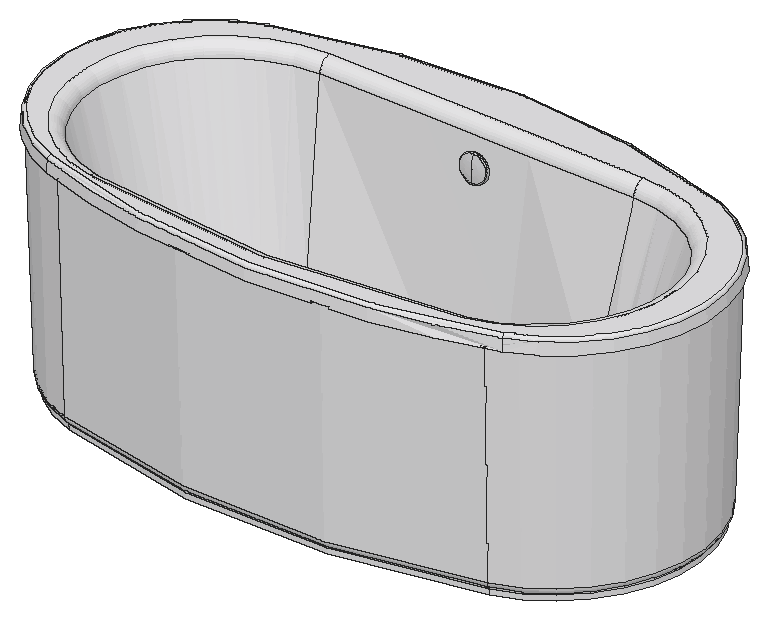
Revit family "Bath-Freestanding-VibrAcoustic-KOHLER-Sunstruck-K-1966", category Plumbing Fixtures, host Face, Revit 2015
Parameters (values of type "0-White")
  Width = 35 1/2"  # constant formula
  Waste Water Outlet = "Waste Water Outlet"  # constant formula
  Waste Connection = 1 = 1  # yes
  Voltage = 120 V  # constant formula
  Vent Connection = 1 = 0  # no
  URL = "https://www.us.kohler.com/us/"
  Type = 1
  Pump Electrical Connector = "Pump Electrical Connector"  # constant formula
  Product Page URL = "http://www.us.kohler.com/us/catalog/productDetails.jsp?productNumber=1966-VB"
  Product Name = "Sunstruck"  # constant formula
  Product Documentation Link = "http://www.us.kohler.com/onlinecatalog/pdf/K-1966-VB_spec.pdf"
  Model = if(Type = 1, "K-1966-VB-0", if(Type = 2, "K-1966-VB-96", "NA"))  # "K-1966-VB-0"
  Material = "Acrylic"  # constant formula
  MasterFormat 2004 = "22.41.19"  # constant formula
  MasterFormat 1995 = "15410"  # constant formula
  Manufacturer Address = "444 Highland Dr, Kohler, WI 53044"  # constant formula
  Manufacturer = "KOHLER Co."  # constant formula
  Length = 65 1/2"  # constant formula
  Hot Water Inlet = "Hot Water Inlet"  # constant formula
  Height = 24 1/2"  # constant formula
  Heater Electrical Connector = "Heater Electrical Connector"  # constant formula
  HW Connection = 1 = 0  # no
  Finish = Kohler-Acrylic-0-White
  Environmental Product Declaration = ""
  Electrical Note = "One dedicated circuit required, protected with Class A Ground-Fault Circuit-Interrupter (GFCI) or Residual Current Device (RCD)"  # constant formula
  Electrical Connector = 1 = 1  # yes
  Drain Included = 1 = 0  # no
  Description = "66inch x 36inch oval freestanding VibrAcoustic bath with straight shroud"  # constant formula
  Default Elevation = 0"
  Declare Label = ""
  Date Modified = "11/15/2018"  # constant formula
  Date Created = "11/15/2018"  # constant formula
  Copyright = "Copyright KOHLER Co."  # constant formula
  Contact Us = "https://www.us.kohler.com/us/static/contact.jsp"
  Cold Water Inlet = "Cold Water Inlet"  # constant formula
  CW Connection = 1 = 0  # no
  Blower Electrical Connector = "Blower Electrical Connector"  # constant formula
  Assembly Code = "D2010500"
  Apparent Load = 1800 VA  # constant formula
  Amplifier Electrical Connector = "Amplifier Electrical Connector"  # constant formula
  ADA Compliant = 1 = 0  # no
Types (3): name | Type | Model | Finish
  (no name) | 1 | "K-1966-VB-0" | Kohler-Acrylic-0-White
  0-White | 1 | "K-1966-VB-0" | Kohler-Acrylic-0-White
  96-Biscuit | 2 | "K-1966-VB-96" | Kohler-Acrylic-96-Biscuit
Reference planes (in)
  plane 1 "Center (Front/Back)": y = 0
  plane 2: z = 0
  plane 3 "Center (Left/Right)": x = 0
  plane 4: y = 17.75
  plane 5: y = -17.75
  plane 6: x = -32.75
  plane 7: x = 32.75
  plane 8: y = 11.6875
  plane 9: y = -1.6875
  plane 10: z = 24.5
Dimensions and locks (in)
  "Length": plane 6 to plane 7
  "Width": plane 5 to plane 4
  plane 8 to plane 4 = 6 1/16"
  plane 9 to plane 4 = 19 7/16"
  "Height": plane 10 to plane 2
  aligned and locked: plane 2 to host face
  aligned and locked: level to host face
Automatic sketch dimensions
  host sketch curve to host sketch curve = 96"  (x2)
Nested families (in)
  nested 1: "K-1966-VB" at (0, 0, 0), type "K-1966-VB"
Connectors (in)
  piping at (0, -1.6875, 2.16901), diameter 1.5, driven by "Waste Connection", driven by "Waste Water Outlet"
    settings: on nested 1, index 1, connector inside diameter 24", connector length 0", flow factor 0, pipe flow 0 GPM, pressure drop 0.00 psi, fitting loss kfactor 0, connector angle 0.00°, fixture units 0, engagement length 0", angle of deflection 0.00°, flow configuration 0, flow direction 2, fitting loss method 0, system type 16, joint type 0, gender type 0, connector reference index -1, connector utility 1, adjustable connector no, is connector primary yes, connector description "Waste Water Outlet"
  electrical at (-6.48092, 15.841, 3.14819), driven by "Voltage", driven by "Apparent Load", driven by "Electrical Connector", driven by "Amplifier Electrical Connector"
    settings: on nested 1, index 2, voltage 120 V, apparent load 1800 VA, apparent load phase1 0 VA, apparent load phase2 0 VA, apparent load phase3 0 VA, power factor 1, load classification "Power", number of poles 1, system type 30, power factor state 1, is connector primary yes, connector utility yes, sub classification motor no, connector description "Amplifier Electrical Connector"
Definition of nested family "K-1966-VB"
  Parameters (values of type "K-1966-VB")
    Material = none
    Drain material = none
  Reference planes (in)
    plane 1 "Center (Front/Back)": y = 0
    plane 2: z = 0
    plane 3 "Center (Left/Right)": x = 0
    plane 4: x = 32.75
    plane 5: z = 24.5
    plane 6: z = 24.5
    plane 7 "A": x = -6.48092
    plane 8: z = 24.5
    plane 9: x = -32.75
    plane 10: y = 17.75
    plane 11: y = -17.75
    plane 12: y = 11.6875
    plane 13: y = -1.6875
  Forms (in)
    Sweep 1, solid, material <- "Material", detail levels medium+fine
      path origin (0, -0.04277, 0) x (1, 0, 0) y (0, 1, 0)
        loop
          arc (21.72661, -14.69696) -> (32.60257, 0.04277) -> (21.72661, 14.78251) r 15.42605
          arc (21.72661, 14.78251) -> (-0.02801, 18.06389) -> (-21.78263, 14.78251) r 73.75415
          arc (-21.78263, 14.78251) -> (-32.6586, 0.04277) -> (-21.78263, -14.69696) r 15.42605
          arc (-21.78263, -14.69696) -> (-0.02801, -17.97834) -> (21.72661, -14.69696) r 73.75415
      profile origin (-0.02801, -18.02111, 0) x (0, -1, 0) y (0, 0, 1)
        loop
          line (-0.4345, 23.13802) -> (-1.20737, 23.13802) -> (-1.59517, 17.59228)
          arc (-1.59517, 17.59228) -> (-1.91029, 11.57945) -> (-2.01537, 5.55929) r 172.5
          line (-2.01537, 5.55929) -> (-2.01537, 0) -> (-1.54796, 0) -> (-1.52866, 0.55268)
          arc (-1.52866, 0.55268) -> (-1.50012, 0.65852) -> (-1.4278, 0.74089) r 0.24194
          arc (-1.4278, 0.74089) -> (-1.20847, 0.99117) -> (-1.12264, 1.31269) r 0.73186
          line (-1.12264, 1.31269) -> (-0.4345, 23.13802)
    Sweep 2, solid, material <- "Material", detail levels medium+fine
      path origin (0, -0.31152, 0) x (1, 0, 0) y (0, 1, 0)
        loop
          arc (-23.11404, -13.59407) -> (0, -17.43849) -> (23.11404, -13.59407) r 71.40724
          arc (23.11404, -13.59407) -> (32.75, 0.31152) -> (23.11404, 14.21712) r 14.85153
          arc (23.11404, 14.21712) -> (0, 18.06154) -> (-23.11404, 14.21712) r 71.40724
          arc (-23.11404, 14.21712) -> (-32.75, 0.31152) -> (-23.11404, -13.59407) r 14.85153
      profile origin (0, -17.75002, 0) x (0, 1, 0) y (0, 0, 1)
        loop
          line (0.00002, 23.01054) -> (0.11383, 23.01054) -> (0.2108, 24.11893)
          arc (0.2108, 24.11893) -> (0.29095, 24.28146) -> (0.45985, 24.34714) r 0.25
          line (0.45985, 24.34714) -> (0.61532, 24.34714) -> (0.61532, 24.5) -> (0.45098, 24.5)
          arc (0.45098, 24.5) -> (0.21457, 24.40807) -> (0.10238, 24.18057) r 0.34993
          line (0.10238, 24.18057) -> (0.00002, 23.01054)
    Sweep 3, solid, material <- "Material", detail levels medium+fine
      path origin (-0.65125, 0.37045, 0) x (1, 0, 0) y (0, 1, 0)
        loop
          arc (-13.80583, -12.20259) -> (0.30466, -13.64071) -> (14.40809, -12.13485) r 68.33389
          arc (14.40809, -12.13485) -> (22.61849, -2.05633) -> (14.545, 8.13219) r 10.37734
          arc (14.545, 8.13219) -> (0.24308, 9.71884) -> (-14.04948, 8.05002) r 63.60432
          arc (-14.04948, 8.05002) -> (-22.05987, -2.17412) -> (-13.80583, -12.20259) r 10.37154
      profile origin (-0.34659, -13.27026, 0) x (-0.002401, 0.999997, 0) y (0, 0, 1)
        loop
          line (-0.24, 6.51001) -> (-0.57074, 6.51001)
          arc (-0.57074, 6.51001) -> (0.5314, 4.46811) -> (2.71442, 3.68166) r 3.25
          line (2.71442, 3.68166) -> (3.01867, 3.68166) -> (3.01867, 4.03096) -> (2.71442, 4.03096)
          arc (2.71442, 4.03096) -> (0.78606, 4.73282) -> (-0.24, 6.51001) r 3
    Revolve 4, solid, material <- "Drain material", detail levels medium+fine
      sketch origin (0, -1.53027, -0.00106) x (0, 1, 0) y (0, 0, 1)
        loop
          line (13.43649, 20.42625) -> (12.55971, 20.48756)
          arc (12.55971, 20.48756) -> (12.54804, 19.82068) -> (12.6107, 19.15665) r 5.98011
          arc (12.6107, 19.15665) -> (12.6367, 19.1057) -> (12.68808, 19.08057) r 0.09037
          line (12.68808, 19.08057) -> (13.2483, 19.00565) -> (13.25711, 19.11625)
          arc (13.25711, 19.11625) -> (13.26951, 19.14061) -> (13.2958, 19.14811) r 0.03422
          line (13.2958, 19.14811) -> (13.34664, 19.14131) -> (13.43649, 20.42625)
        axis (12.55971, 20.48756) -> (13.43649, 20.42625)
      angle from 0 to 360
    Revolve 5, solid, material <- "Material", detail levels medium+fine
      sketch origin (0, 0, 0.0625) x (0, 1, 0) y (0, 0, 1)
        loop
          line (-1.6875, 3.61916) -> (-1.6875, 2.10651) -> (-0.9375, 2.10651) -> (-0.9375, 1.93586) -> (-0.74206, 1.93586) -> (-0.74206, 3.18586) -> (-0.38189, 3.18586)
          arc (-0.38189, 3.18586) -> (-0.21323, 3.2194) -> (-0.07025, 3.31494) r 0.44072
          line (-0.07025, 3.31494) -> (0.15621, 3.5414)
          arc (0.15621, 3.5414) -> (0.24033, 3.59812) -> (0.33958, 3.61916) r 0.2656
          line (0.33958, 3.61916) -> (-1.6875, 3.61916)
        axis (-1.6875, 3.61916) -> (-1.6875, 1.93586)
      angle from 0 to 360
    Sweep 6, solid, material <- "Material", detail levels medium+fine
      path origin (0, 0, 0) x (1, 0, 0) y (0, 1, 0)
        loop
          arc (-15.91994, 11.6875) -> (-28.29768, 0.47984) -> (-18.37017, -12.94642) r 12.43882
          arc (-18.37017, -12.94642) -> (0.12996, -14.68833) -> (18.58936, -12.55759) r 89.15619
          arc (18.58936, -12.55759) -> (28.11574, 0.76078) -> (15.91994, 11.6875) r 12.2695
          line (15.91994, 11.6875) -> (-15.91994, 11.6875)
      profile origin (0, 11.6875, 0) x (0, 1, 0) y (0, 0, 1)
        loop
          line (0.003, 23.24357) -> (0.33352, 23.24357)
          arc (0.33352, 23.24357) -> (0.68246, 24.02627) -> (1.47708, 24.34717) r 1.14428
          line (1.47708, 24.34717) -> (1.56336, 24.34717) -> (1.56336, 24.5) -> (1.27278, 24.5)
          arc (1.27278, 24.5) -> (0.37961, 24.1328) -> (0.003, 23.24357) r 1.26985
    Revolve 7, solid, material <- "Drain material", detail levels medium+fine
      sketch origin (0, 0, 0) x (0, 1, 0) y (0, 0, 1)
        loop
          line (-1.6875, 4.26235) -> (-1.6875, 3.6439) -> (-0.32353, 3.6439) -> (0.12658, 4.04918)
          arc (0.12658, 4.04918) -> (0.13712, 4.09307) -> (0.09992, 4.11864) r 0.03984
          line (0.09992, 4.11864) -> (-0.12079, 4.11864)
          arc (-0.12079, 4.11864) -> (-0.18453, 4.10596) -> (-0.23856, 4.06985) r 0.16655
          line (-0.23856, 4.06985) -> (-0.33993, 3.96848)
          arc (-0.33993, 3.96848) -> (-0.39533, 3.93146) -> (-0.46069, 3.91846) r 0.17077
          line (-0.46069, 3.91846) -> (-1.13844, 3.91846) -> (-1.13844, 4.0675) -> (-0.34006, 4.0675)
          arc (-0.34006, 4.0675) -> (-0.31733, 4.07691) -> (-0.30792, 4.09963) r 0.03214
          line (-0.30792, 4.09963) -> (-0.30792, 4.14469)
          arc (-0.30792, 4.14469) -> (-0.31537, 4.16436) -> (-0.33397, 4.17416) r 0.02969
          arc (-0.33397, 4.17416) -> (-1.00946, 4.23785) -> (-1.6875, 4.26235) r 11.72048
        axis (-1.6875, 4.26235) -> (-1.6875, 3.6439)
      angle from 0 to 360
    Extrusion 8, solid, material <- "Material", detail levels medium+fine
      sketch origin (0, 0, 0) x (1, 0, 0) y (0, 1, 0)
        loop
          arc (-22.9063, 13.32634) -> (-32.13468, 0) -> (-22.9063, -13.32634) r 14.23621
          arc (-22.9063, -13.32634) -> (0, -17.1347) -> (22.9063, -13.32634) r 70.79193
          arc (22.9063, -13.32634) -> (32.13468, 0) -> (22.9063, 13.32634) r 14.23621
          arc (22.9063, 13.32634) -> (0, 17.1347) -> (-22.9063, 13.32634) r 70.79193
        loop
          line (15.91994, 13.25086) -> (-15.91994, 13.25086)
          arc (-15.91994, 13.25086) -> (-29.85336, 0.63458) -> (-18.67813, -14.47915) r 14.00218
          arc (-18.67813, -14.47915) -> (0.14641, -16.2516) -> (18.9295, -14.0835) r 90.71954
          arc (18.9295, -14.0835) -> (29.66971, 0.93187) -> (15.91994, 13.25086) r 13.83286
      from 24.34714 to 24.5
    Blend 9, solid, material <- "Material", detail levels medium+fine
      base sketch origin (0, 0, 0) x (1, 0, 0) y (0, 1, 0)
        loop
          arc (-14.57357, -12.39087) -> (-0.34522, -13.841) -> (13.876, -12.32256) r 68.90463
          arc (13.876, -12.32256) -> (22.53797, -1.68973) -> (14.02044, 9.05914) r 10.94807
          arc (14.02044, 9.05914) -> (-0.40981, 10.66002) -> (-14.83062, 8.97623) r 64.17506
          arc (-14.83062, 8.97623) -> (-23.28182, -1.81054) -> (-14.57357, -12.39087) r 10.94228
      top sketch origin (0, 0, 0) x (1, 0, 0) y (0, 1, 0)
        loop
          arc (18.66192, -12.88312) -> (28.44726, 0.79728) -> (15.91994, 12.02102) r 12.60302
          line (15.91994, 12.02102) -> (-15.91994, 12.02102)
          arc (-15.91994, 12.02102) -> (-28.62956, 0.51285) -> (-18.43587, -13.27341) r 12.77234
          arc (-18.43587, -13.27341) -> (0.13347, -15.02183) -> (18.66192, -12.88312) r 89.48971
      from 6.51001 to 23.24357
    Blend 10, void
      base sketch origin (0, 0, 0) x (1, 0, 0) y (0, 1, 0)
        loop
          arc (13.80695, -11.99911) -> (22.20724, -1.6875) -> (13.94702, 8.73666) r 10.61734
          arc (13.94702, 8.73666) -> (-0.40886, 10.32929) -> (-14.75535, 8.65417) r 63.84432
          arc (-14.75535, 8.65417) -> (-22.9511, -1.80656) -> (-14.50607, -12.06709) r 10.61154
          arc (-14.50607, -12.06709) -> (-0.34601, -13.51026) -> (13.80695, -11.99911) r 68.5739
      top sketch origin (0, 0, 0) x (1, 0, 0) y (0, 1, 0)
        loop
          arc (-15.91994, 11.6905) -> (-28.30066, 0.48014) -> (-18.37077, -12.94936) r 12.44182
          arc (-18.37077, -12.94936) -> (0.13, -14.69133) -> (18.59001, -12.56052) r 89.15918
          arc (18.59001, -12.56052) -> (28.11872, 0.7611) -> (15.91994, 11.6905) r 12.2725
          line (15.91994, 11.6905) -> (-15.91994, 11.6905)
      from 6.51001 to 23.24357
    Extrusion 11, solid, material <- "Material", detail levels medium+fine
      sketch origin (0, 0, 0) x (1, 0, 0) y (0, 1, 0)
        loop
          arc (-14.01373, 5.48102) -> (-19.69267, -1.76736) -> (-13.841, -8.87701) r 7.35287
          arc (-13.841, -8.87701) -> (-0.35384, -10.2516) -> (13.12657, -8.81227) r 65.31523
          arc (13.12657, -8.81227) -> (18.94865, -1.66549) -> (13.22365, 5.55929) r 7.35867
          arc (13.22365, 5.55929) -> (-0.3995, 7.07063) -> (-14.01373, 5.48102) r 60.58565
      from 3.68166 to 4.03096
    Revolve 12, void
      sketch origin (0, 0, 0) x (0, 1, 0) y (0, 0, 1)
        loop
          line (-1.6875, 3.59695) -> (-0.38073, 3.59695)
          arc (-0.38073, 3.59695) -> (-0.30882, 3.61126) -> (-0.24785, 3.65199) r 0.18792
          line (-0.24785, 3.65199) -> (-0.0398, 3.86005)
          arc (-0.0398, 3.86005) -> (0.14951, 3.98654) -> (0.37281, 4.03096) r 0.58351
          line (0.37281, 4.03096) -> (-1.6875, 4.03096) -> (-1.6875, 3.59695)
        axis (-1.6875, 3.59695) -> (-1.6875, 4.03096)
      angle from 0 to 360
    Extrusion 13, solid, material <- "Material", detail levels medium+fine
      sketch origin (0, 0, 0) x (1, 0, 0) y (0, 1, 0)
        loop
          arc (21.13215, -12.81403) -> (30.5872, 0) -> (21.13215, 12.81403) r 13.41068
          arc (21.13215, 12.81403) -> (-0.02801, 16.00574) -> (-21.18818, 12.81403) r 71.73878
          arc (-21.18818, 12.81403) -> (-30.64323, 0) -> (-21.18818, -12.81403) r 13.41068
          arc (-21.18818, -12.81403) -> (-0.02801, -16.00574) -> (21.13215, -12.81403) r 71.73878
        loop
          line (1.90491, -4.0135) -> (1.90491, 8.1815) -> (3.58491, 9.8615) -> (8.15491, 9.8615)
          arc (8.15491, 9.8615) -> (10.02991, 11.7365) -> (8.15491, 13.6115) r 1.875
          line (8.15491, 13.6115) -> (1.90491, 13.6115) -> (1.90491, 13.89278)
          arc (1.90491, 13.89278) -> (0, 15.7977) -> (-1.90491, 13.89278) r 1.90491
          line (-1.90491, 13.89278) -> (-1.90491, 13.6115) -> (-8.15491, 13.6115)
          arc (-8.15491, 13.6115) -> (-10.02991, 11.7365) -> (-8.15491, 9.8615) r 1.875
          line (-8.15491, 9.8615) -> (-3.58491, 9.8615) -> (-1.90491, 8.1815) -> (-1.90491, -4.0135)
          arc (-1.90491, -4.0135) -> (0, -5.91841) -> (1.90491, -4.0135) r 1.90491
      from 0 to 0.2482
    Extrusion 14, solid, material <- "Material", detail levels medium+fine
      sketch origin (0, 0, 0) x (1, 0, 0) y (0, 0, 1)
        loop
          circle (-6.48092, 3.14819) r 0.25
      from -15.841 to -15.62255
    Extrusion 15, solid, material <- "Material", detail levels coarse
      sketch origin (0, 0, 0) x (1, 0, 0) y (0, 1, 0)
        loop
          arc (23.11404, 13.9056) -> (0, 17.75002) -> (-23.11404, 13.9056) r 71.40724
          arc (-23.11404, 13.9056) -> (-32.75, 0) -> (-23.11404, -13.9056) r 14.85153
          arc (-23.11404, -13.9056) -> (0, -17.75002) -> (23.11404, -13.9056) r 71.40724
          arc (23.11404, -13.9056) -> (32.75, 0) -> (23.11404, 13.9056) r 14.85153
      from 0 to 24.5
    Blend 16, void
      base sketch origin (0, 0, 0) x (1, 0, 0) y (0, 1, 0)
        loop
          arc (-14.50607, -12.06709) -> (-0.34601, -13.51026) -> (13.80695, -11.99911) r 68.5739
          arc (13.80695, -11.99911) -> (22.20724, -1.6875) -> (13.94702, 8.73666) r 10.61734
          arc (13.94702, 8.73666) -> (-0.40886, 10.32929) -> (-14.75535, 8.65417) r 63.84432
          arc (-14.75535, 8.65417) -> (-22.9511, -1.80656) -> (-14.50607, -12.06709) r 10.61154
      top sketch origin (0, 0, 0) x (1, 0, 0) y (0, 1, 0)
        loop
          arc (-18.37077, -12.94936) -> (0.13, -14.69133) -> (18.59001, -12.56052) r 89.15918
          arc (18.59001, -12.56052) -> (28.11872, 0.7611) -> (15.91994, 11.6905) r 12.2725
          line (15.91994, 11.6905) -> (-15.91994, 11.6905)
          arc (-15.91994, 11.6905) -> (-28.30066, 0.48014) -> (-18.37077, -12.94936) r 12.44182
      from 3.6439 to 24.5
  Cuts and joins
    joined: Revolve 4, Revolve 7
    Revolve 12 cuts Revolve 5
    Blend 10 cuts Blend 9
    Revolve 12 cuts Extrusion 11
    joined: Sweep 2, Sweep 3, Revolve 5, Sweep 6, Extrusion 8, Blend 9, Extrusion 11
    joined: Sweep 1, Extrusion 13
    Blend 16 cuts Extrusion 15
  Lines and regions (in)
    Masking region 1
      outline origin (0, 0, 0) x (1, 0, 0) y (0, 0, 1)
        loop
          arc (-32.29809, 24.5) -> (-32.53519, 24.4078) -> (-32.6477, 24.17964) r 0.35095
          line (-32.6477, 24.17964) -> (-32.74998, 23.01054) -> (-32.22183, 23.01054) -> (-31.53726, 1.30407)
          arc (-31.53726, 1.30407) -> (-31.45277, 0.98943) -> (-31.23698, 0.74535) r 0.71207
          arc (-31.23698, 0.74535) -> (-31.16142, 0.66002) -> (-31.13159, 0.55003) r 0.25
          line (-31.13159, 0.55003) -> (-31.11238, 0) -> (31.11238, 0) -> (31.13159, 0.55003)
          arc (31.13159, 0.55003) -> (31.16142, 0.66002) -> (31.23698, 0.74535) r 0.25
          arc (31.23698, 0.74535) -> (31.45277, 0.98943) -> (31.53726, 1.30407) r 0.71207
          line (31.53726, 1.30407) -> (32.22183, 23.01054) -> (32.74998, 23.01054) -> (32.6477, 24.17964)
          arc (32.6477, 24.17964) -> (32.53519, 24.4078) -> (32.29809, 24.5) r 0.35095
          line (32.29809, 24.5) -> (-32.29809, 24.5)
    Masking region 2
      outline origin (0, -0.32863, 0) x (0, 1, 0) y (0, 0, 1)
        loop
          line (17.62673, 24.5) -> (-16.96948, 24.5)
          arc (-16.96948, 24.5) -> (-17.20658, 24.4078) -> (-17.31909, 24.17964) r 0.35095
          line (-17.31909, 24.17964) -> (-17.42137, 23.01054) -> (-17.2526, 23.01054) -> (-16.56802, 1.30407)
          arc (-16.56802, 1.30407) -> (-16.48353, 0.98943) -> (-16.26775, 0.74535) r 0.71207
          arc (-16.26775, 0.74535) -> (-16.19219, 0.66002) -> (-16.16235, 0.55003) r 0.25
          line (-16.16235, 0.55003) -> (-16.14314, 0) -> (16.80039, 0) -> (16.8196, 0.55003)
          arc (16.8196, 0.55003) -> (16.84944, 0.66002) -> (16.925, 0.74535) r 0.25
          arc (16.925, 0.74535) -> (17.14078, 0.98943) -> (17.22527, 1.30407) r 0.71207
          line (17.22527, 1.30407) -> (17.90985, 23.01054) -> (18.07863, 23.01054) -> (17.97634, 24.17964)
          arc (17.97634, 24.17964) -> (17.86383, 24.4078) -> (17.62673, 24.5) r 0.35095
    Masking region 3
      outline origin (0, 0, 0) x (1, 0, 0) y (0, 1, 0)
        loop
          arc (-23.11404, -13.9056) -> (0, -17.75002) -> (23.11404, -13.9056) r 71.40724
          arc (23.11404, -13.9056) -> (32.75, 0) -> (23.11404, 13.9056) r 14.85153
          arc (23.11404, 13.9056) -> (0, 17.75002) -> (-23.11404, 13.9056) r 71.40724
          arc (-23.11404, 13.9056) -> (-32.75, 0) -> (-23.11404, -13.9056) r 14.85153
    symbolic lines, detail levels medium+fine
      curve 1: line (-32.22183, 0, 23.01054) -> (32.22183, 0, 23.01054)
      curve 2: line (-31.13159, 0, 0.55003) -> (31.13159, 0, 0.55003)
      curve 3: line (0, 17.58122, 23.01054) -> (0, -17.58122, 23.01054)
      curve 4: line (0, 16.49098, 0.55003) -> (0, -16.49098, 0.55003)
      curve 5: arc (-18.37077, -12.94936, 0) -> (-28.30066, 0.48014, 0) -> (-15.91994, 11.6905, 0) r 12.44182
      curve 6: arc (18.59001, -12.56052, 0) -> (0.13, -14.69133, 0) -> (-18.37077, -12.94936, 0) r 89.15918
      curve 7: arc (15.91994, 11.6905, 0) -> (28.11872, 0.7611, 0) -> (18.59001, -12.56052, 0) r 12.2725
      curve 8: line (-15.91994, 11.6905, 0) -> (15.91994, 11.6905, 0)
      curve 9: arc (-14.75535, 8.65417, 0) -> (-0.40886, 10.32929, 0) -> (13.94702, 8.73666, 0) r 63.84432
      curve 10: arc (-14.50607, -12.06709, 0) -> (-22.9511, -1.80656, 0) -> (-14.75535, 8.65417, 0) r 10.61154
      curve 11: arc (13.80695, -11.99911, 0) -> (-0.34601, -13.51026, 0) -> (-14.50607, -12.06709, 0) r 68.5739
      curve 12: arc (13.94702, 8.73666, 0) -> (22.20724, -1.6875, 0) -> (13.80695, -11.99911, 0) r 10.61734
      curve 13: circle (0, -1.6875, 0) r 2.02708 normal (0, 0, -1)
      curve 14: circle (0, -1.6875, 0) r 1.36397 normal (0, 0, -1)
      curve 15: spline (1.41532, 11.58219, 0) -> (1.32696, 11.60503, 0) -> (1.164, 11.62577, 0) -> (0.93559, 11.64326, 0) -> (0.65457, 11.6565, 0) -> (0.33675, 11.66476, 0) -> (0, 11.66757, 0) -> (-0.33675, 11.66476, 0) -> (-0.65457, 11.6565, 0) -> (-0.93559, 11.64326, 0) -> (-1.164, 11.62577, 0) -> (-1.32696, 11.60503, 0) -> (-1.41532, 11.58219, 0)
      curve 16: line (-1.41532, 11.58219, 0) -> (-1.3947, 11.25732, 0)
      curve 17: arc (-1.30786, 11.15618, 0) -> (0, 11.01489, 0) -> (1.30786, 11.15618, 0) r 6.12378
      curve 18: arc (-1.3947, 11.25732, 0) -> (-1.36821, 11.19222, 0) -> (-1.30786, 11.15618, 0) r 0.11071
      curve 19: line (1.41532, 11.58219, 0) -> (1.3947, 11.25732, 0)
      curve 20: arc (1.3947, 11.25732, 0) -> (1.36821, 11.19222, 0) -> (1.30786, 11.15618, 0) r 0.11071
  Dimensions and locks (in)
    plane 5 to level = 24 1/2"
    plane 6 to level = 24 1/2"
    plane 8 to level = 24 1/2"
    equal spacing: plane 9, plane 3 "Center (Left/Right)", plane 4
    locked: plane 9 to plane 4 at 65.5
    locked: plane 11 to plane 10 at 35.5
    equal spacing: plane 10, plane 1 "Center (Front/Back)", plane 11
    locked: plane 10 to plane 12 at 6.0625
    locked: plane 10 to plane 13 at 19.4375
    aligned and locked: plane 2 to level
  Automatic sketch dimensions
    plane 1 "Center (Front/Back)" to Sweep 3 sketch curve = 1.67891"
    plane 7 "A" to Sweep 3 sketch curve = 5.85941"
    Sweep 3 sketch curve to plane 3 "Center (Left/Right)" = 0.51065"
    Sweep 3 sketch curve to plane 3 "Center (Left/Right)" = 0.22538"
    plane 1 "Center (Front/Back)" to Sweep 3 sketch curve = 1.61578"
    plane 3 "Center (Left/Right)" to Sweep 3 sketch curve = 11.59015"
    Sweep 3 sketch curve to Sweep 3 sketch curve = 0"  (x4)
    profile plane to Sweep 3 sketch curve = 0.57074"
    profile plane to Sweep 3 sketch curve = 0.24"
    Sweep 3 sketch curve to profile plane = 2.65187"
    Sweep 3 sketch curve to Sweep 3 sketch curve = 0.06255"
    Sweep 3 sketch curve to Sweep 3 sketch curve = 0.30425"
    level to Sweep 3 sketch curve = 3.68166"
    Sweep 3 sketch curve to Sweep 3 sketch curve = 0.3493"
    Sweep 3 sketch curve to Sweep 3 sketch curve = 2.47906"
    Revolve 4 sketch curve to Revolve 4 sketch curve = 0.01198"
    Revolve 4 sketch curve to Revolve 4 sketch curve = 0.00881"
    Revolve 4 sketch curve to Revolve 4 sketch curve = 0.03416"
    Revolve 4 sketch curve to Revolve 4 sketch curve = 0.00454"
    Revolve 4 sketch curve to Revolve 4 sketch curve = 0.05083"
    Revolve 4 sketch curve to plane 8 = 5.49541"
    Revolve 4 sketch curve to Revolve 4 sketch curve = 0.07492"
    Revolve 4 sketch curve to Revolve 4 sketch curve = 0.10854"
    Revolve 4 sketch curve to Revolve 4 sketch curve = 0.00206"
    Revolve 4 sketch curve to Revolve 4 sketch curve = 0.0068"
    Revolve 4 sketch curve to Revolve 4 sketch curve = 0.08957"
    Revolve 4 sketch curve to plane 8 = 4.45147"
    Revolve 4 sketch curve to Revolve 4 sketch curve = 1.27814"
    Revolve 4 sketch curve to Revolve 4 sketch curve = 0.00318"
    Revolve 4 sketch curve to Revolve 4 sketch curve = 0.00867"
    Revolve 4 sketch curve to Revolve 4 sketch curve = 0.00022"
    plane 1 "Center (Front/Back)" to Revolve 5 sketch curve = 1 11/16"  (x2)
    plane 1 "Center (Front/Back)" to Revolve 5 sketch curve = 15/16"
    plane 1 "Center (Front/Back)" to Revolve 5 sketch curve = 0.74206"
    Revolve 5 sketch curve to Revolve 5 sketch curve = 0.36016"
    Revolve 5 sketch curve to Revolve 5 sketch curve = 0.31164"
    Revolve 5 sketch curve to Revolve 5 sketch curve = 0.22646"
    Revolve 5 sketch curve to Revolve 5 sketch curve = 0.18338"
    Revolve 5 sketch curve to Revolve 5 sketch curve = 0.18781"  (x2)
    level to Revolve 5 sketch curve = 1.99836"
    Revolve 5 sketch curve to Revolve 5 sketch curve = 0.17066"
    Revolve 5 sketch curve to Revolve 5 sketch curve = 1.07934"
    Revolve 5 sketch curve to Revolve 5 sketch curve = 0.12909"
    Revolve 5 sketch curve to Revolve 5 sketch curve = 0.03866"
    Revolve 5 sketch curve to Revolve 5 sketch curve = 0.3304"
    Revolve 5 sketch curve to Revolve 5 sketch curve = 0.4196"
    plane 7 "A" to Sweep 6 sketch curve = 9.43902"
    Sweep 6 sketch curve to plane 3 "Center (Left/Right)" = 0.80795"
    plane 3 "Center (Left/Right)" to Sweep 6 sketch curve = 15.91994"
    plane 1 "Center (Front/Back)" to Sweep 6 sketch curve = 0.582"
    plane 1 "Center (Front/Back)" to Sweep 6 sketch curve = 0.75132"
    Sweep 6 sketch curve to Sweep 6 sketch curve = 0"
    Sweep 6 sketch curve to profile plane = 0.003"
    Sweep 6 sketch curve to Sweep 6 sketch curve = 0.33052"
    Sweep 6 sketch curve to profile plane = 1.27278"
    Sweep 6 sketch curve to Sweep 6 sketch curve = 0.2043"
    Sweep 6 sketch curve to Sweep 6 sketch curve = 0.08628"
    level to Sweep 6 sketch curve = 23.20288"
    Sweep 6 sketch curve to Sweep 6 sketch curve = 0.02726"
    Sweep 6 sketch curve to Sweep 6 sketch curve = 0.01342"
    plane 1 "Center (Front/Back)" to Revolve 7 sketch curve = 1.77148"
    plane 1 "Center (Front/Back)" to Revolve 7 sketch curve = 1 11/16"
    plane 1 "Center (Front/Back)" to Revolve 7 sketch curve = 1.13844"
    Revolve 7 sketch curve to Revolve 7 sketch curve = 0.67776"
    Revolve 7 sketch curve to Revolve 7 sketch curve = 0.12063"
    Revolve 7 sketch curve to Revolve 7 sketch curve = 0.00013"
    Revolve 7 sketch curve to Revolve 7 sketch curve = 0.00244"
    Revolve 7 sketch curve to Revolve 7 sketch curve = 0.13715"
    Revolve 7 sketch curve to Revolve 7 sketch curve = 0.03214"
    Revolve 7 sketch curve to Revolve 7 sketch curve = 0.06936"
    Revolve 7 sketch curve to Revolve 7 sketch curve = 0.11777"
    Revolve 7 sketch curve to Revolve 7 sketch curve = 0.22071"
    Revolve 7 sketch curve to Revolve 7 sketch curve = 0.02666"
    Revolve 7 sketch curve to level = 7.45782"
    level to Revolve 7 sketch curve = 3.6439"
    Revolve 7 sketch curve to Revolve 7 sketch curve = 0.27457"
    Revolve 7 sketch curve to Revolve 7 sketch curve = 0.03362"
    Revolve 7 sketch curve to Revolve 7 sketch curve = 0.05002"
    Revolve 7 sketch curve to Revolve 7 sketch curve = 0.0971"
    Revolve 7 sketch curve to Revolve 7 sketch curve = 0.14903"
    Revolve 7 sketch curve to Revolve 7 sketch curve = 0.02978"
    Revolve 7 sketch curve to Revolve 7 sketch curve = 0.04506"
    Revolve 7 sketch curve to Revolve 7 sketch curve = 0.19485"
    Revolve 7 sketch curve to Revolve 7 sketch curve = 0"  (x2)
    Revolve 7 sketch curve to Revolve 7 sketch curve = 0.23445"
    plane 1 "Center (Front/Back)" to Revolve 12 sketch curve = 1 11/16"
    plane 1 "Center (Front/Back)" to Revolve 12 sketch curve = 0.38073"
    Revolve 12 sketch curve to Revolve 12 sketch curve = 0.13288"
    Revolve 12 sketch curve to Revolve 12 sketch curve = 0.20806"  (x2)
    Revolve 12 sketch curve to Revolve 12 sketch curve = 0.4126"
    level to Revolve 12 sketch curve = 3.44745"
    Revolve 12 sketch curve to Revolve 12 sketch curve = 0.14951"
    Revolve 12 sketch curve to Revolve 12 sketch curve = 0.05504"
    Revolve 12 sketch curve to Revolve 12 sketch curve = 0.434"
    Revolve 12 sketch curve to Revolve 12 sketch curve = 0"  (x3)
    Revolve 12 sketch curve to Revolve 12 sketch curve = 0.3486"
    plane 7 "A" to Sweep 3 sketch curve = 7.97616"
    Sweep 3 sketch curve to plane 1 "Center (Front/Back)" = 55.06344"
    Revolve 4 sketch curve to Revolve 4 sketch curve = 4.96331"
    Revolve 4 sketch curve to plane 10 = 6.72056"
    Revolve 4 sketch curve to Revolve 4 sketch curve = 0.12519"
    Revolve 4 sketch curve to Revolve 4 sketch curve = 0.56022"
    Revolve 4 sketch curve to Revolve 4 sketch curve = 0.8736"
    Revolve 4 sketch curve to plane 10 = 0.75651"
    Sweep 6 sketch curve to plane 10 = 6 1/16"
    plane 10 to Sweep 6 sketch curve = 56.71292"
    plane 11 to Sweep 3 sketch curve = 35.76477"
    Sweep 2 sketch curve to profile plane = 0"
    Sweep 2 sketch curve to profile plane = 0.10238"
    Sweep 2 sketch curve to Sweep 2 sketch curve = 0.11381"
    Sweep 2 sketch curve to Sweep 2 sketch curve = 0.10842"
    Sweep 2 sketch curve to profile plane = 0.45098"
    Sweep 2 sketch curve to profile plane = 0.45985"
    Sweep 2 sketch curve to Sweep 2 sketch curve = 0.16433"
    level to Sweep 2 sketch curve = 23.01054"
    Sweep 2 sketch curve to Sweep 2 sketch curve = 1.0866"
    Sweep 2 sketch curve to Sweep 2 sketch curve = 0.02179"
    Sweep 2 sketch curve to Sweep 2 sketch curve = 0.05293"
    Sweep 2 sketch curve to Sweep 2 sketch curve = 0.06164"
    plane 1 "Center (Front/Back)" to Sweep 2 sketch curve = 0"  (x2)
    Sweep 2 sketch curve to plane 3 "Center (Left/Right)" = 0"  (x2)
    plane 7 "A" to Sweep 2 sketch curve = 11.41755"
    plane 4 to Sweep 2 sketch curve = 14.85153"
    plane 11 to Sweep 2 sketch curve = 35.90723"
    plane 10 to Sweep 2 sketch curve = 35.90723"
    plane 12 to Sweep 2 sketch curve = 2.2181"  (x2)
    plane 9 to Sweep 2 sketch curve = 9.63596"
    Sweep 2 sketch curve to plane 11 = 3.8444"
    plane 1 "Center (Front/Back)" to Extrusion 8 sketch curve = 0"
    Extrusion 8 sketch curve to plane 3 "Center (Left/Right)" = 0"  (x2)
    plane 7 "A" to Extrusion 8 sketch curve = 11.41755"
    plane 10 to Extrusion 8 sketch curve = 35.90723"
    Extrusion 8 sketch curve to plane 11 = 4.42366"  (x2)
    plane 9 to Extrusion 8 sketch curve = 9.8437"
    plane 12 to Extrusion 8 sketch curve = 1.63884"  (x2)
    plane 11 to Extrusion 8 sketch curve = 35.90723"
    Extrusion 8 sketch curve to Extrusion 8 sketch curve = 5 1/128"
    plane 1 "Center (Front/Back)" to Extrusion 8 sketch curve = 0.582"
    Extrusion 8 sketch curve to Extrusion 8 sketch curve = 1.97853"
    plane 12 to Extrusion 8 sketch curve = 1.56336"
    Extrusion 8 sketch curve to Extrusion 8 sketch curve = 6.98635"
    Extrusion 8 sketch curve to plane 11 = 3.6665"
    Extrusion 8 sketch curve to plane 3 "Center (Left/Right)" = 0.80795"
    Extrusion 8 sketch curve to Extrusion 8 sketch curve = 4.22817"
    Extrusion 8 sketch curve to Extrusion 8 sketch curve = 0"
    plane 13 to Extrusion 11 sketch curve = 0.00859"
    Extrusion 11 sketch curve to plane 3 "Center (Left/Right)" = 0.51065"
    Extrusion 11 sketch curve to plane 3 "Center (Left/Right)" = 0.22538"
    plane 13 to Extrusion 11 sketch curve = 0.07172"
    Extrusion 11 sketch curve to Extrusion 11 sketch curve = 0"  (x3)
    plane 7 "A" to Extrusion 11 sketch curve = 5.85941"
    plane 3 "Center (Left/Right)" to Extrusion 11 sketch curve = 11.59015"
    plane 11 to Extrusion 11 sketch curve = 35.76477"
    plane 10 to Extrusion 11 sketch curve = 37.31344"
    Extrusion 11 sketch curve to plane 13 = 7.18951"
    Blend 9 sketch curve to Blend 9 sketch curve = 0"  (x4)
    plane 1 "Center (Front/Back)" to Blend 9 sketch curve = 0.75132"
    plane 7 "A" to Blend 9 sketch curve = 9.43902"
    Blend 9 sketch curve to plane 3 "Center (Left/Right)" = 0.80795"
    plane 12 to Blend 9 sketch curve = 0.33352"
    plane 3 "Center (Left/Right)" to Blend 9 sketch curve = 15.91994"
    plane 1 "Center (Front/Back)" to Blend 9 sketch curve = 0.582"
    plane 10 to Blend 9 sketch curve = 56.71292"
    plane 13 to Blend 9 sketch curve = 0.00859"
    Blend 9 sketch curve to plane 3 "Center (Left/Right)" = 0.51065"
    Blend 9 sketch curve to plane 3 "Center (Left/Right)" = 0.22538"
    plane 7 "A" to Blend 9 sketch curve = 5.85941"
    plane 13 to Blend 9 sketch curve = 0.07172"
    plane 3 "Center (Left/Right)" to Blend 9 sketch curve = 11.59015"
    plane 11 to Blend 9 sketch curve = 35.76477"
    plane 10 to Blend 9 sketch curve = 37.31344"
    Blend 9 sketch curve to plane 11 = 5.35913"
    Blend 10 sketch curve to Blend 10 sketch curve = 0"  (x4)
    plane 12 to Blend 10 sketch curve = 0.003"
    plane 7 "A" to Blend 10 sketch curve = 9.43902"
    Blend 10 sketch curve to plane 3 "Center (Left/Right)" = 0.80795"
    plane 3 "Center (Left/Right)" to Blend 10 sketch curve = 15.91994"
    plane 1 "Center (Front/Back)" to Blend 10 sketch curve = 0.582"
    plane 1 "Center (Front/Back)" to Blend 10 sketch curve = 0.75132"
    plane 10 to Blend 10 sketch curve = 56.71292"
    Blend 10 sketch curve to plane 3 "Center (Left/Right)" = 0.51065"
    plane 13 to Blend 10 sketch curve = 0.07172"
    Blend 10 sketch curve to plane 3 "Center (Left/Right)" = 0.22538"
    plane 13 to Blend 10 sketch curve = 0.00859"
    plane 7 "A" to Blend 10 sketch curve = 5.85941"
    plane 3 "Center (Left/Right)" to Blend 10 sketch curve = 11.59015"
    plane 11 to Blend 10 sketch curve = 35.76477"
    plane 10 to Blend 10 sketch curve = 37.31344"
    Blend 10 sketch curve to plane 11 = 5.68291"
    plane 1 "Center (Front/Back)" to Sweep 1 sketch curve = 0"  (x2)
    plane 7 "A" to Sweep 1 sketch curve = 10.75162"
    Sweep 1 sketch curve to plane 3 "Center (Left/Right)" = 0.02801"
    Sweep 1 sketch curve to plane 10 = 3.01027"  (x2)
    Sweep 1 sketch curve to Sweep 1 sketch curve = 0"  (x4)
    Sweep 1 sketch curve to plane 11 = 3.01027"
    plane 4 to Sweep 1 sketch curve = 11.02339"
    Sweep 1 sketch curve to level = 0"
    profile plane to Sweep 1 sketch curve = 2.01537"
    Sweep 1 sketch curve to Sweep 1 sketch curve = 0.16123"
    profile plane to Sweep 1 sketch curve = 1.59517"
    Sweep 1 sketch curve to Sweep 1 sketch curve = 0.46741"
    level to Sweep 1 sketch curve = 0.55268"
    Sweep 1 sketch curve to Sweep 1 sketch curve = 0.0193"
    Sweep 1 sketch curve to Sweep 1 sketch curve = 0.2418"
    profile plane to Sweep 1 sketch curve = 1.20737"
    Sweep 1 sketch curve to Sweep 1 sketch curve = 0.7315"
    profile plane to Sweep 1 sketch curve = 0.4345"
    level to Sweep 1 sketch curve = 5.55929"
    Sweep 1 sketch curve to profile plane = 170.48463"
    Sweep 1 sketch curve to Sweep 1 sketch curve = 0.00844"
    Sweep 1 sketch curve to Sweep 1 sketch curve = 0.76845"
    Sweep 1 sketch curve to Sweep 1 sketch curve = 0.02306"
    Sweep 1 sketch curve to Sweep 1 sketch curve = 5.54574"
    plane 1 "Center (Front/Back)" to Extrusion 13 sketch curve = 0"  (x2)
    Extrusion 13 sketch curve to plane 3 "Center (Left/Right)" = 0"  (x2)
    Extrusion 13 sketch curve to plane 3 "Center (Left/Right)" = 0.02801"  (x2)
    Extrusion 13 sketch curve to plane 3 "Center (Left/Right)" = 1.90491"  (x2)
    Extrusion 13 sketch curve to Extrusion 13 sketch curve = 1.68"  (x3)
    plane 7 "A" to Extrusion 13 sketch curve = 1.67399"
    plane 7 "A" to Extrusion 13 sketch curve = 10.75162"
    Extrusion 13 sketch curve to plane 12 = 1.826"  (x2)
    Extrusion 13 sketch curve to Extrusion 13 sketch curve = 4.57"
    Extrusion 13 sketch curve to Extrusion 13 sketch curve = 9.02161"
    Extrusion 13 sketch curve to plane 13 = 2.326"
    plane 11 to Extrusion 13 sketch curve = 37.98303"
    Extrusion 13 sketch curve to plane 12 = 3.506"
    plane 12 to Extrusion 13 sketch curve = 0.049"  (x2)
    Extrusion 13 sketch curve to Extrusion 13 sketch curve = 0.28128"
    plane 10 to Extrusion 13 sketch curve = 37.98303"
    Extrusion 13 sketch curve to plane 11 = 4.93597"
    Extrusion 13 sketch curve to Extrusion 13 sketch curve = 0"  (x3)
    Masking region 1 sketch curve to plane 5 = 0"
    plane 9 to Masking region 1 sketch curve = 0"
    plane 9 to Masking region 1 sketch curve = 0.1023"
    Masking region 1 sketch curve to Masking region 1 sketch curve = 0.34961"
    Masking region 1 sketch curve to Masking region 1 sketch curve = 0.52815"
    plane 9 to Masking region 1 sketch curve = 1.21274"
    Masking region 1 sketch curve to Masking region 1 sketch curve = 0.15582"
    level to Masking region 1 sketch curve = 0.55003"  (x2)
    Masking region 1 sketch curve to Masking region 1 sketch curve = 0.24985"  (x2)
    Masking region 1 sketch curve to Masking region 1 sketch curve = 0.01921"
    Masking region 1 sketch curve to Masking region 1 sketch curve = 0.71172"  (x2)
    plane 4 to Masking region 1 sketch curve = 1.92446"
    Masking region 1 sketch curve to Masking region 1 sketch curve = 0.30605"
    Masking region 1 sketch curve to Masking region 1 sketch curve = 0.26906"
    plane 4 to Masking region 1 sketch curve = 0.45191"
    plane 4 to Masking region 1 sketch curve = 0.52817"
    plane 4 to Masking region 1 sketch curve = 0.1023"
    plane 4 to Masking region 1 sketch curve = 0"
    Masking region 1 sketch curve to Masking region 1 sketch curve = 0.00872"  (x2)
    Masking region 1 sketch curve to Masking region 1 sketch curve = 0.76277"  (x2)
    Masking region 1 sketch curve to Masking region 1 sketch curve = 0.02245"  (x2)
    Masking region 1 sketch curve to plane 5 = 1.48946"  (x2)
    Masking region 1 sketch curve to Masking region 1 sketch curve = 0.35095"  (x2)
    Masking region 1 sketch curve to level = 0"
    plane 9 to curve 1 = 0.52817"
    level to curve 2 = 0.55003"
    plane 9 to curve 2 = 1.61841"
    plane 4 to curve 2 = 1.61841"
    plane 4 to curve 1 = 0.52817"
    curve 1 to plane 8 = 1.48946"
    Masking region 2 sketch curve to plane 11 = 0"
    Masking region 2 sketch curve to plane 10 = 0"
    Masking region 2 sketch curve to plane 11 = 0.10228"
    Masking region 2 sketch curve to Masking region 2 sketch curve = 0.16878"  (x2)
    Masking region 2 sketch curve to Masking region 2 sketch curve = 0.34961"
    Masking region 2 sketch curve to plane 11 = 0.85335"
    Masking region 2 sketch curve to Masking region 2 sketch curve = 0.15582"
    level to Masking region 2 sketch curve = 0.55003"  (x2)
    Masking region 2 sketch curve to Masking region 2 sketch curve = 0.24985"  (x2)
    Masking region 2 sketch curve to Masking region 2 sketch curve = 0.71172"  (x2)
    Masking region 2 sketch curve to plane 10 = 1.56507"
    Masking region 2 sketch curve to plane 10 = 1.27823"
    Masking region 2 sketch curve to Masking region 2 sketch curve = 0.01921"  (x2)
    Masking region 2 sketch curve to plane 10 = 0.45189"
    Masking region 2 sketch curve to plane 10 = 0.10228"
    Masking region 2 sketch curve to Masking region 2 sketch curve = 0.00872"  (x2)
    Masking region 2 sketch curve to Masking region 2 sketch curve = 0.76277"  (x2)
    Masking region 2 sketch curve to Masking region 2 sketch curve = 0.02245"  (x2)
    Masking region 2 sketch curve to plane 6 = 1.48946"  (x2)
    Masking region 2 sketch curve to Masking region 2 sketch curve = 0.35095"  (x2)
    Masking region 2 sketch curve to plane 6 = 0"
    Masking region 2 sketch curve to level = 0"
    curve 3 to plane 11 = 0.16878"
    level to curve 4 = 0.55003"
    curve 4 to plane 11 = 1.25902"
    curve 4 to plane 10 = 1.25902"
    curve 3 to plane 10 = 0.16878"
    curve 3 to plane 8 = 1.48946"
    plane 1 "Center (Front/Back)" to Masking region 3 sketch curve = 0"  (x2)
    Masking region 3 sketch curve to plane 3 "Center (Left/Right)" = 0"  (x2)
    plane 7 "A" to Masking region 3 sketch curve = 11.41755"
    plane 4 to Masking region 3 sketch curve = 14.85153"
    plane 11 to Masking region 3 sketch curve = 35.90723"
    plane 10 to Masking region 3 sketch curve = 35.90723"
    plane 12 to Masking region 3 sketch curve = 2.2181"
    plane 9 to Masking region 3 sketch curve = 9.63596"
    Masking region 3 sketch curve to plane 11 = 3.8444"  (x2)
    curve 13 to curve 14 = 0"  (x2)
    curve 14 to plane 3 "Center (Left/Right)" = 0"
    curve 17 to plane 3 "Center (Left/Right)" = 0"
    curve 13 to plane 13 = 0"
    plane 13 to curve 10 = 0.00859"
    plane 7 "A" to curve 10 = 5.85941"
    plane 12 to curve 8 = 0.003"
    curve 16 to plane 12 = 0.10531"
    curve 16 to curve 16 = 0.02062"
    curve 16 to curve 18 = 0.11048"
    curve 6 to plane 3 "Center (Left/Right)" = 0.80795"
    curve 11 to plane 3 "Center (Left/Right)" = 0.51065"
    curve 9 to plane 3 "Center (Left/Right)" = 0.22538"
    curve 20 to plane 12 = 0.42317"
    curve 19 to plane 12 = 0.43018"
    curve 20 to curve 19 = 0.11048"
    plane 13 to curve 12 = 0.07172"
    plane 3 "Center (Left/Right)" to curve 12 = 11.59015"
    plane 1 "Center (Front/Back)" to curve 7 = 0.582"
    curve 12 to curve 7 = 4.3298"
    plane 11 to curve 9 = 35.76477"
    plane 1 "Center (Front/Back)" to curve 5 = 0.75132"
    curve 16 to curve 18 = 0.00701"
    curve 17 to plane 10 = 0.61132"
    plane 10 to curve 11 = 37.31344"
    curve 11 to curve 6 = 19.39949"
    curve 5 to curve 11 = 3.8647"
    curve 10 to curve 11 = 0"
    curve 9 to curve 10 = 0"
    curve 6 to curve 5 = 0"
    curve 15 to curve 16 = 0.01495"
    curve 17 to curve 18 = 0"
    curve 20 to curve 17 = 0.02364"
    curve 17 to curve 20 = 0"
    curve 19 to plane 12 = 0.10531"
    curve 20 to curve 19 = 0.02062"
    curve 12 to curve 11 = 0"
    curve 15 to curve 16 = 0.01439"
    curve 15 to plane 3 "Center (Left/Right)" = 0"
    plane 7 "A" to Extrusion 14 sketch curve = 0"
    level to Extrusion 14 sketch curve = 3.14819"
    plane 1 "Center (Front/Back)" to Extrusion 15 sketch curve = 0"  (x2)
    Extrusion 15 sketch curve to plane 3 "Center (Left/Right)" = 0"  (x2)
    plane 7 "A" to Extrusion 15 sketch curve = 11.41755"
    plane 4 to Extrusion 15 sketch curve = 14.85153"
    plane 11 to Extrusion 15 sketch curve = 35.90723"
    plane 10 to Extrusion 15 sketch curve = 35.90723"
    plane 9 to Extrusion 15 sketch curve = 9.63596"  (x2)
    plane 12 to Extrusion 15 sketch curve = 2.2181"
    Extrusion 15 sketch curve to plane 11 = 3.8444"
    plane 13 to Blend 16 sketch curve = 0.00859"
    plane 7 "A" to Blend 16 sketch curve = 5.85941"
    Blend 16 sketch curve to plane 3 "Center (Left/Right)" = 0.22538"
    plane 11 to Blend 16 sketch curve = 35.76477"
    plane 7 "A" to Blend 16 sketch curve = 8.02514"
    Blend 16 sketch curve to plane 12 = 3.03333"
    Blend 16 sketch curve to Blend 16 sketch curve = 0"  (x4)
    Blend 16 sketch curve to plane 12 = 2.95084"
    Blend 16 sketch curve to plane 3 "Center (Left/Right)" = 0.51065"
    Blend 16 sketch curve to plane 11 = 5.75089"
    plane 12 to Blend 16 sketch curve = 0.003"
    plane 7 "A" to Blend 16 sketch curve = 9.43902"
    plane 1 "Center (Front/Back)" to Blend 16 sketch curve = 0.75132"
    Blend 16 sketch curve to plane 11 = 4.80064"
    plane 3 "Center (Left/Right)" to Blend 16 sketch curve = 15.91994"
    plane 1 "Center (Front/Back)" to Blend 16 sketch curve = 0.582"
    Blend 16 sketch curve to plane 11 = 5.18948"
    curve 8 to curve 10 = 3.57961"
    radius of curve 13 = 2.02708"
    radius of curve 14 = 1.36397"
    radius of Extrusion 14 sketch curve = 1/4"
